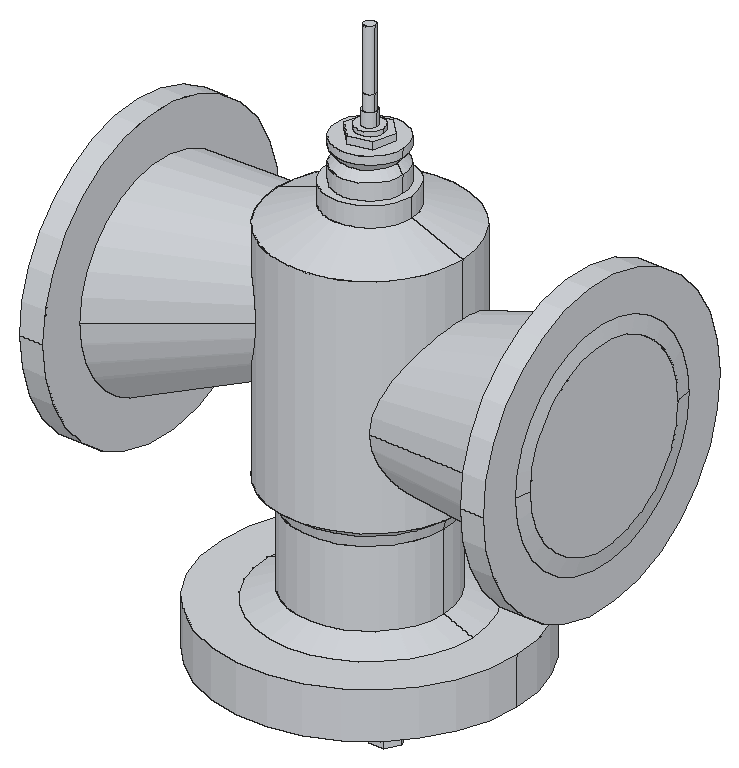
Revit family "2FGB-B_PN16_DN100_RFA_2019", category Pipe Accessories, Revit 2019
Family settings
  Round Connector Dimension = Use Diameter
  Part Type = Valve - Breaks Into
  Work Plane-Based = No
  Always vertical = Yes
  Cut with Voids When Loaded = No
  Shared = No
Parameters (values of type "2FGB-B PN16 DN100")
  magiProductId = ""
  magiProductFamilyId = ""
  magiPartTypeId = 306
  isMeasuringValve [instance] = no
  ang2D [instance] = 0.00°
  Z9 = 4.165 mm
  Z8 = 5.602 mm
  Z7 = 3 mm
  Z6 = 5.95 mm
  Z5 = 5.95 mm
  Z4 = 11.9 mm
  Z3 = 168.575 mm
  Z19 = 9.767 mm
  Z15 = 40.775 mm
  Z14__ve = -Z14  # -14.562 mm
  Z14 = 14.562 mm
  Z13 = 8.12 mm
  Z12 = 56.84 mm
  Z10 = 5.082 mm
  X4 = 34.6 mm
  X2__ve = -X2  # -17.3 mm
  X2 = 17.3 mm
  X1 = 2 mm
  W2D = 100 mm
  VersionID = ""
  Use Minimum Symbol Size [instance] = yes
  URL = "www.hydronix.cz"
  Type Comments = "Přírubový; EQM charakteristika; PN16; -10~+150°C; tlakově vyvážená kuželka"
  R9 = 4 mm
  R7 = 10.089 mm
  R6 = 16.816 mm
  R5 = 19.93 mm
  R4 = 24.912 mm
  R3 = 31.14 mm
  R2 = 57.375 mm
  R13 = 55.08 mm
  R12 = 5.297 mm
  R1 = 45.9 mm
  QmdConnectorList = "301;D;302;D"
  Productdata [instance] = "2FGB100B (DN100; PN16; kvs130; tlakově vyvážená kuželka)"
  Manufacturer = "Hydronix"
  Maintenance Zone Under Depth [instance] = 207 mm
  Maintenance Zone Right Depth [instance] = 175 mm
  Maintenance Zone Over Depth [instance] = 221 mm
  Maintenance Zone Left Depth [instance] = 175 mm
  Maintenance Zone Front Depth [instance] = 110 mm
  Maintenance Zone Back Depth [instance] = 110 mm
  Maintenance Zone Front Visibility [instance] = no
  LT2 = 175 mm
  L2D_Min = 3048 mm
  L2D = 350 mm
  HCDT2 = 76.5 mm
  H4 = 207 mm
  H3 = 116.5 mm
  H2 = 45 mm
  FDT2 = 110 mm
  Description = "2 cestný regulační ventil přírubový; DN100; PN16; kvs130; zdvih 45mm"
  D4 = 68.85 mm
  D3 = 81 mm
  D2 = 69.2 mm
  D = 100 mm
  CenSd_R6_6 = R6 * cos(30.00°)  # 14.563 mm
  CenSd_A_6 = A * cos(30.00°)  # 9.526 mm
  Clearance Zone Height Depth [instance] = 221 mm
  CZONC [instance] = 175 mm
  Clearance Zone Visibility [instance] = no
  B1 = 63.64 mm
  A = 11 mm
Types (5, lengths in mm): name | Z9 | Z8 | Z6 | Z5 | Z4 | Z3 | Z19 | Z15 | Z14__ve | Z14 | Z13 | Z12 | Z10 | X4 | X2__ve | X2 | W2D | R7 | R6 | R5 | R4 | R3 | R2 | R13 | R12 | R1 | Productdata | LT2 | L2D | HCDT2 | H4 | H3 | H2 | FDT2 | Description | D4 | D3 | D2 | D | CenSd_R6_6 | CenSd_A_6 | B1 | A
  2FGB-B PN16 DN100 | 4.165 | 5.602 | 5.95 | 5.95 | 11.9 | 168.575 | 9.767 | 40.775 | -14.562 | 14.562 | 8.12 | 56.84 | 5.082 | 34.6 | -17.3 | 17.3 | 100 | 10.089 | 16.816 | 19.93 | 24.912 | 31.14 | 57.375 | 55.08 | 5.297 | 45.9 | "2FGB100B (DN100; PN16; kvs130; tlakově vyvážená kuželka)" | 175 | 350 | 76.5 | 207 | 116.5 | 45 | 110 | "2 cestný regulační ventil přírubový; DN100; PN16; kvs130; zdvih 45mm" | 68.85 | 81 | 69.2 | 100 | 14.563 | 9.526 | 63.64 | 11
  2FGB-B PN16 DN080 | 4.2 | 5.7 | 6 | 6 | 12 | 151.95 | 9.9 | 36.75 | -13.125 | 13.125 | 7.32 | 51.24 | 5.1 | 30.6 | -15.3 | 15.3 | 80 | 8.923 | 14.872 | 17.626 | 22.032 | 27.54 | 49.875 | 47.88 | 4.685 | 39.9 | "2FGB80B (DN80; PN16; kvs100; tlakově vyvážená kuželka)" | 155 | 310 | 66.5 | 187 | 105 | 45 | 100 | "2 cestný regulační ventil přírubový; DN80; PN16; kvs100; zdvih 45mm" | 60.35 | 71 | 61.2 | 80 | 12.879 | 8.66 | 56.569 | 10
  2FGB-B PN16 DN065 | 4.2 | 5.7 | 6 | 6 | 12 | 139.45 | 9.9 | 33.25 | -11.875 | 11.875 | 6.82 | 47.74 | 5.1 | 28.6 | -14.3 | 14.3 | 65 | 8.34 | 13.9 | 16.474 | 20.592 | 25.74 | 44.25 | 42.48 | 4.378 | 35.4 | "2FGB65B (DN65; PN16; kvs63; tlakově vyvážená kuželka)" | 145 | 290 | 59 | 175 | 95 | 25 | 92.5 | "2 cestný regulační ventil přírubový; DN65; PN16; kvs63; zdvih 25mm" | 53.975 | 63.5 | 57.2 | 65 | 12.037 | 8.011 | 51.265 | 9.25
  2FGB-B PN16 DN150 | 4.2 | 5.7 | 6 | 6 | 12 | 227.45 | 9.9 | 54.95 | -19.625 | 19.625 | 10.97 | 76.79 | 5.1 | 47.6 | -23.8 | 23.8 | 150 | 13.88 | 23.134 | 27.418 | 34.272 | 42.84 | 77.625 | 74.52 | 7.287 | 62.1 | "2FGB150B (DN150; PN16; kvs300; tlakově vyvážená kuželka)" | 240 | 480 | 103.5 | 277 | 157 | 45 | 142.5 | "2 cestný regulační ventil přírubový; DN150; PN16; kvs300; zdvih 45mm" | 92.65 | 109 | 95.2 | 150 | 20.034 | 12.341 | 84.853 | 14.25
  2FGB-B PN16 DN125 | 4.2 | 5.7 | 6 | 6 | 12 | 196.45 | 9.9 | 48.65 | -17.375 | 17.375 | 9.22 | 64.54 | 5.1 | 39.6 | -19.8 | 19.8 | 125 | 11.547 | 19.246 | 22.81 | 28.512 | 35.64 | 68.625 | 65.88 | 6.062 | 54.9 | "2FGB125B (DN125; PN16; kvs200; tlakově vyvážená kuželka)" | 200 | 400 | 91.5 | 234 | 139 | 45 | 125 | "2 cestný regulační ventil přírubový; DN125; PN16; kvs200; zdvih 45mm" | 81.6 | 96 | 79.2 | 125 | 16.667 | 10.825 | 74.246 | 12.5
Reference planes
  plane 1 "Center (Front/Back)": y = 0
  plane 2 "XYPLANE": z = 0
  plane 3 "Center (Left/Right)": x = 0
  plane 4 "234": y = -63.64
  plane 5 "233": x = 63.64
  plane 6 "232": x = -63.64
  plane 7 "231": y = 63.64
  plane 8 "225": z = -197
  plane 9 "223": z = 221
  plane 10 "221": x = -175
  plane 11 "220": x = 175
  plane 12 "219": y = -110
  plane 13 "218": y = 110
  plane 14 "196": z = -207
  plane 15 "182": z = 176
  plane 16 "161": z = 164.1
  plane 17 "158": z = 158.498
  plane 18 "150": z = 154.333
  plane 19 "148": z = 151.333
  plane 20 "142": z = 146.25
  plane 21 "136": z = 140.3
  plane 22 "135": z = 134.35
  plane 23 "131": z = 128.4
  plane 24 "78": z = 87.375
  plane 25 "77": z = 101.937
  plane 26 "74": z = 116.5
  plane 27 "70": z = -81.2
  plane 28 "65": z = -89.32
  plane 29 "64": z = -97.44
  plane 30 "58": z = -154.28
  plane 31 "57": z = -162.4
  plane 32 "46": z = -207
  plane 33 "28": x = 155.7
  plane 34 "27": x = 173
  plane 35 "21": z = -20
  plane 36 "16": z = 40.775
  plane 37 "13": x = -155.7
  plane 38 "7": x = -173
  plane 39 "6": x = 175
  plane 40 "5": x = -175
  plane 41 "3": y = 0
  plane 42 "2": z = 0
  plane 43 "1": x = 0
Forms (mm)
  Extrusion 1, solid
    sketch origin (-750, 0, -207) x (1, 0, 0) y (0, 1, 0)
      loop
        line (824.64, -63.64) -> (819.14, -54.113) -> (808.14, -54.113) -> (802.64, -63.64) -> (808.14, -73.166) -> (819.14, -73.166) -> (824.64, -63.64)
    from 0 to 10
  Extrusion 2, solid
    sketch origin (-750, 0, -207) x (1, 0, 0) y (0, 1, 0)
      loop
        line (697.36, -63.64) -> (691.86, -54.113) -> (680.86, -54.113) -> (675.36, -63.64) -> (680.86, -73.166) -> (691.86, -73.166) -> (697.36, -63.64)
    from 0 to 10
  Extrusion 3, solid
    sketch origin (-750, 0, -207) x (1, 0, 0) y (0, 1, 0)
      loop
        line (824.64, 63.64) -> (819.14, 73.166) -> (808.14, 73.166) -> (802.64, 63.64) -> (808.14, 54.113) -> (819.14, 54.113) -> (824.64, 63.64)
    from 0 to 10
  Extrusion 4, solid
    sketch origin (-750, 0, -207) x (1, 0, 0) y (0, 1, 0)
      loop
        line (697.36, 63.64) -> (691.86, 73.166) -> (680.86, 73.166) -> (675.36, 63.64) -> (680.86, 54.113) -> (691.86, 54.113) -> (697.36, 63.64)
    from 0 to 10
  Blend 5, solid, visible <- "Maintenance Zone Front Visibility"
    base sketch origin (-750, 0, 221) x (1, 0, 0) y (0, 1, 0)
      loop
        line (575, 110) -> (575, -110) -> (925, -110) -> (925, 110) -> (575, 110)
    top sketch origin (-750, 0, 221) x (1, 0, 0) y (0, 1, 0)
      loop
        line (575, 110) -> (575, -110) -> (925, -110) -> (925, 110) -> (575, 110)
    from 0 to -428
  Extrusion 6, solid, visible <- "Clearance Zone Visibility"
    sketch origin (-750, 0, 0) x (1, 0, 0) y (0, 1, 0)
      loop
        circle (750, 0) r 175
    from 0 to 221 <- "Clearance Zone Height Depth"
  Extrusion 7, solid
    sketch origin (-750, 0, 154.333) x (1, 0, 0) y (0, 1, 0)
      loop
        circle (750, 0) r 5.297
    from 0 to 9.767 <- "Z19"
  Extrusion 8, solid
    sketch origin (-750, 0, 176) x (1, 0, 0) y (0, 1, 0)
      loop
        circle (750, 0) r 4
    from 0 to 45 <- "H2"
  Extrusion 9, solid
    sketch origin (-750, 0, 164.1) x (1, 0, 0) y (0, 1, 0)
      loop
        circle (750, 0) r 4
    from 0 to 11.9 <- "Z4"
  Extrusion 10, solid
    sketch origin (-750, 0, 151.333) x (1, 0, 0) y (0, 1, 0)
      loop
        circle (750, 0) r 10.089
    from 0 to 3 <- "Z7"
  Extrusion 11, solid
    sketch origin (-750, 0, 146.25) x (1, 0, 0) y (0, 1, 0)
      loop
        line (761.89, -11.89) -> (766.243, 4.352) -> (754.352, 16.243) -> (738.11, 11.89) -> (733.757, -4.352) -> (745.648, -16.243) -> (761.89, -11.89)
    from 0 to 5.082 <- "Z10"
  Extrusion 12, solid
    sketch origin (-750, 0, 140.3) x (1, 0, 0) y (0, 1, 0)
      loop
        circle (750, 0) r 24.912
    from 0 to 5.95 <- "Z6"
  Blend 13, solid
    base sketch origin (-750, 0, 134.35) x (1, 0, 0) y (0, 1, 0)
      loop
        circle (750, 0) r 19.93
    top sketch origin (-750, 0, 134.35) x (1, 0, 0) y (0, 1, 0)
      loop
        circle (750, 0) r 24.912
    from 0 to 5.95
  Blend 14, solid
    base sketch origin (-750, 0, 128.4) x (1, 0, 0) y (0, 1, 0)
      loop
        circle (750, 0) r 24.912
    top sketch origin (-750, 0, 128.4) x (1, 0, 0) y (0, 1, 0)
      loop
        circle (750, 0) r 19.93
    from 0 to 5.95
  Extrusion 15, solid
    sketch origin (-750, 0, 116.5) x (1, 0, 0) y (0, 1, 0)
      loop
        circle (750, 0) r 24.912
    from 0 to 11.9 <- "Z4"
  Extrusion 16, solid
    sketch origin (-750, 0, 116.5) x (1, 0, 0) y (0, 1, 0)
      loop
        circle (750, 0) r 31.14
    from 0 to -14.562 <- "Z14__ve"
  Blend 17, solid
    base sketch origin (-750, 0, 87.375) x (1, 0, 0) y (0, 1, 0)
      loop
        circle (750, 0) r 69.2
    top sketch origin (-750, 0, 87.375) x (1, 0, 0) y (0, 1, 0)
      loop
        circle (750, 0) r 31.14
    from 0 to 14.563
  Blend 18, solid
    base sketch origin (-750, 0, -89.32) x (1, 0, 0) y (0, 1, 0)
      loop
        circle (750, 0) r 57.375
    top sketch origin (-750, 0, -89.32) x (1, 0, 0) y (0, 1, 0)
      loop
        circle (750, 0) r 69.2
    from 0 to 8.12
  Blend 19, solid
    base sketch origin (-750, 0, -97.44) x (1, 0, 0) y (0, 1, 0)
      loop
        circle (750, 0) r 55.08
    top sketch origin (-750, 0, -97.44) x (1, 0, 0) y (0, 1, 0)
      loop
        circle (750, 0) r 57.375
    from 0 to 8.12
  Extrusion 20, solid
    sketch origin (-750, 0, -154.28) x (1, 0, 0) y (0, 1, 0)
      loop
        circle (750, 0) r 55.08
    from 0 to 56.84 <- "Z12"
  Blend 21, solid
    base sketch origin (-750, 0, -162.4) x (1, 0, 0) y (0, 1, 0)
      loop
        circle (750, 0) r 76.5
    top sketch origin (-750, 0, -162.4) x (1, 0, 0) y (0, 1, 0)
      loop
        circle (750, 0) r 55.08
    from 0 to 8.12
  Extrusion 22, solid
    sketch origin (-750, 0, -197) x (1, 0, 0) y (0, 1, 0)
      loop
        circle (750, 0) r 110
    from 0 to 34.6 <- "X4"
  Blend 23, solid
    base sketch origin (173, -750, 0) x (0, 1, 0) y (0, 0, 1)
      loop
        circle (750, 0) r 81
    top sketch origin (173, -750, 0) x (0, 1, 0) y (0, 0, 1)
      loop
        circle (750, 0) r 68.85
    from 0 to 2
  Blend 24, solid
    base sketch origin (-175, -750, 0) x (0, 1, 0) y (0, 0, 1)
      loop
        circle (750, 0) r 68.85
    top sketch origin (-175, -750, 0) x (0, 1, 0) y (0, 0, 1)
      loop
        circle (750, 0) r 81
    from 0 to 2
  Extrusion 25, solid
    sketch origin (173, -750, 0) x (0, 1, 0) y (0, 0, 1)
      loop
        circle (750, 0) r 110
    from 0 to -17.3 <- "X2__ve"
  Blend 26, solid
    base sketch origin (0, -750, 0) x (0, 1, 0) y (0, 0, 1)
      loop
        circle (750, -20) r 45.9
    top sketch origin (0, -750, 0) x (0, 1, 0) y (0, 0, 1)
      loop
        circle (750, 0) r 76.5
    from 0 to 155.7
  Extrusion 27, solid
    sketch origin (-750, 0, -81.2) x (1, 0, 0) y (0, 1, 0)
      loop
        circle (750, 0) r 69.2
    from 0 to 168.575 <- "Z3"
  Blend 28, solid
    base sketch origin (-155.7, -750, 0) x (0, 1, 0) y (0, 0, 1)
      loop
        circle (750, 0) r 76.5
    top sketch origin (-155.7, -750, 0) x (0, 1, 0) y (0, 0, 1)
      loop
        circle (750, 40.775) r 45.9
    from 0 to 155.7
  Extrusion 29, solid
    sketch origin (-173, -750, 0) x (0, 1, 0) y (0, 0, 1)
      loop
        circle (750, 0) r 110
    from 0 to 17.3 <- "X2"
  Extrusion 30, solid, not visible
    sketch origin (175, -750, 0) x (0, 1, 0) y (0, 0, 1)
      loop
        circle (750, 0) r 10
    from 0 to -10
  Extrusion 31, solid, not visible
    sketch origin (-175, -750, 0) x (0, 1, 0) y (0, 0, 1)
      loop
        circle (750, 0) r 10
    from 0 to 10
Lines and regions (mm)
  reference lines, not visible
    curve 1: circle (2, 2, 0) r 1 normal (0, 0, 1)
  reference lines
    curve 2: line (63.64, -63.64, -207) -> (60.89, -58.876, -207)
    curve 3: line (63.64, -63.64, -207) -> (58.14, -63.64, -207)
    curve 4: line (63.64, -63.64, -207) -> (60.89, -68.403, -207)
    curve 5: line (-63.64, -63.64, -207) -> (-66.39, -58.876, -207)
    curve 6: line (-63.64, -63.64, -207) -> (-69.14, -63.64, -207)
    curve 7: line (-63.64, -63.64, -207) -> (-66.39, -68.403, -207)
    curve 8: line (63.64, 63.64, -207) -> (60.89, 68.403, -207)
    curve 9: line (63.64, 63.64, -207) -> (58.14, 63.64, -207)
    curve 10: line (63.64, 63.64, -207) -> (60.89, 58.876, -207)
    curve 11: line (-63.64, 63.64, -207) -> (-66.39, 68.403, -207)
    curve 12: line (-63.64, 63.64, -207) -> (-69.14, 63.64, -207)
    curve 13: line (-63.64, 63.64, -207) -> (-66.39, 58.876, -207)
    curve 14: line (0, 0, 146.25) -> (2.176, 8.121, 146.25)
    curve 15: line (0, 0, 146.25) -> (-5.945, 5.945, 146.25)
    curve 16: line (0, 0, 146.25) -> (-8.121, -2.176, 146.25)
Dimensions and locks
  plane 1 "Center (Front/Back)" to curve 1 = 2 mm
  "B1": plane 1 "Center (Front/Back)" to plane 4 "234"
  "B1": plane 3 "Center (Left/Right)" to plane 5 "233"
  "B1": plane 3 "Center (Left/Right)" to plane 6 "232"
  "B1": plane 1 "Center (Front/Back)" to plane 7 "231"
  locked: plane 32 "46" to plane 8 "225" at 10
  "Maintenance Zone Over Depth": plane 2 "XYPLANE" to plane 9 "223"
  "Maintenance Zone Left Depth": plane 3 "Center (Left/Right)" to plane 10 "221"
  "Maintenance Zone Right Depth": plane 3 "Center (Left/Right)" to plane 11 "220"
  "Maintenance Zone Front Depth": plane 1 "Center (Front/Back)" to plane 12 "219"
  "Maintenance Zone Back Depth": plane 1 "Center (Front/Back)" to plane 13 "218"
  "Maintenance Zone Under Depth": plane 2 "XYPLANE" to plane 14 "196"
  "Z4": plane 16 "161" to plane 15 "182"
  "Z8": plane 17 "158" to plane 16 "161"
  "Z9": plane 18 "150" to plane 17 "158"
  "Z7": plane 19 "148" to plane 18 "150"
  "Z10": plane 20 "142" to plane 19 "148"
  "Z6": plane 21 "136" to plane 20 "142"
  "Z5": plane 22 "135" to plane 21 "136"
  "Z5": plane 23 "131" to plane 22 "135"
  "Z4": plane 26 "74" to plane 23 "131"
  "Z14": plane 25 "77" to plane 24 "78"
  "Z14": plane 26 "74" to plane 25 "77"
  "H3": plane 2 "XYPLANE" to plane 26 "74"
  "Z13": plane 28 "65" to plane 27 "70"
  "Z13": plane 29 "64" to plane 28 "65"
  "Z12": plane 30 "58" to plane 29 "64"
  "Z13": plane 31 "57" to plane 30 "58"
  "X4": plane 8 "225" to plane 31 "57"
  "H4": plane 2 "XYPLANE" to plane 32 "46"
  "X2": plane 34 "27" to plane 33 "28"
  "X1": plane 39 "6" to plane 34 "27"
  locked: plane 42 "2" to plane 35 "21" at 20
  "Z15": plane 42 "2" to plane 36 "16"
  "X2": plane 38 "7" to plane 37 "13"
  "X1": plane 40 "5" to plane 38 "7"
  "LT2": plane 3 "Center (Left/Right)" to plane 39 "6"
  "LT2": plane 3 "Center (Left/Right)" to plane 40 "5"
  locked: plane 1 "Center (Front/Back)" to plane 41 "3"
  locked: plane 2 "XYPLANE" to plane 42 "2"
  locked: plane 3 "Center (Left/Right)" to plane 43 "1"
  "CenSd_A_6": curve 2 to Extrusion 1 sketch curve  (x2)
  "CenSd_A_6": curve 3 to Extrusion 1 sketch curve  (x2)
  "CenSd_A_6": curve 4 to Extrusion 1 sketch curve  (x2)
  "CenSd_A_6": curve 5 to Extrusion 2 sketch curve  (x2)
  "CenSd_A_6": curve 6 to Extrusion 2 sketch curve  (x2)
  "CenSd_A_6": curve 7 to Extrusion 2 sketch curve  (x2)
  "CenSd_A_6": curve 8 to Extrusion 3 sketch curve  (x2)
  "CenSd_A_6": curve 9 to Extrusion 3 sketch curve  (x2)
  "CenSd_A_6": curve 10 to Extrusion 3 sketch curve  (x2)
  "CenSd_A_6": curve 11 to Extrusion 4 sketch curve  (x2)
  "CenSd_A_6": curve 12 to Extrusion 4 sketch curve  (x2)
  "CenSd_A_6": curve 13 to Extrusion 4 sketch curve  (x2)
  "CenSd_R6_6": curve 14 to Extrusion 11 sketch curve  (x2)
  "CenSd_R6_6": curve 15 to Extrusion 11 sketch curve  (x2)
  "CenSd_R6_6": curve 16 to Extrusion 11 sketch curve  (x2)
  "CZONC": radius of Extrusion 6 sketch curve
  "R12": radius of Extrusion 7 sketch curve
  "R9": radius of Extrusion 8 sketch curve
  "R9": radius of Extrusion 9 sketch curve
  "R7": radius of Extrusion 10 sketch curve
  "R4": radius of Extrusion 12 sketch curve
  "R4": radius of Blend 13 sketch curve
  "R5": radius of Blend 13 sketch curve
  "R5": radius of Blend 14 sketch curve
  "R4": radius of Blend 14 sketch curve
  "R4": radius of Extrusion 15 sketch curve
  "R3": radius of Extrusion 16 sketch curve
  "R3": radius of Blend 17 sketch curve
  "D2": radius of Blend 17 sketch curve
  "D2": radius of Blend 18 sketch curve
  "R2": radius of Blend 18 sketch curve
  "R2": radius of Blend 19 sketch curve
  "R13": radius of Blend 19 sketch curve
  "R13": radius of Extrusion 20 sketch curve
  "R13": radius of Blend 21 sketch curve
  "HCDT2": radius of Blend 21 sketch curve
  "FDT2": radius of Extrusion 22 sketch curve
  "D4": radius of Blend 23 sketch curve
  "D3": radius of Blend 23 sketch curve
  "D3": radius of Blend 24 sketch curve
  "D4": radius of Blend 24 sketch curve
  "FDT2": radius of Extrusion 25 sketch curve
  "HCDT2": radius of Blend 26 sketch curve
  "R1": radius of Blend 26 sketch curve
  "D2": radius of Extrusion 27 sketch curve
  "R1": radius of Blend 28 sketch curve
  "HCDT2": radius of Blend 28 sketch curve
  "FDT2": radius of Extrusion 29 sketch curve
  locked: curve 3 to curve 2 (angle 60.00°)
  locked: curve 4 to curve 3 (angle 60.00°)
  locked: curve 4 to curve 2 (angle 120.00°)
  locked: curve 6 to curve 5 (angle 60.00°)
  locked: curve 7 to curve 6 (angle 60.00°)
  locked: curve 7 to curve 5 (angle 120.00°)
  locked: curve 9 to curve 8 (angle 60.00°)
  locked: curve 10 to curve 9 (angle 60.00°)
  locked: curve 10 to curve 8 (angle 120.00°)
  locked: curve 12 to curve 11 (angle 60.00°)
  locked: curve 13 to curve 12 (angle 60.00°)
  locked: curve 13 to curve 11 (angle 120.00°)
  locked: curve 15 to curve 14 (angle 60.00°)
  locked: curve 16 to curve 15 (angle 60.00°)
  locked: curve 16 to curve 14 (angle 120.00°)
  aligned and locked: level to plane 2 "XYPLANE"
  aligned and locked: plane 4 "234" to curve 2
  aligned and locked: plane 5 "233" to curve 2
  aligned and locked: plane 4 "234" to curve 5
  aligned and locked: plane 6 "232" to curve 5
  aligned and locked: plane 5 "233" to curve 8
  aligned and locked: plane 7 "231" to curve 8
  aligned and locked: plane 6 "232" to curve 11
  aligned and locked: plane 7 "231" to curve 11
  aligned and locked: plane 13 "218" to Blend 5 sketch curve  (x4)
  aligned and locked: plane 12 "219" to Blend 5 sketch curve  (x4)
  aligned and locked: plane 10 "221" to Blend 5 sketch curve  (x4)
  aligned and locked: plane 11 "220" to Blend 5 sketch curve  (x4)
  aligned and locked: Blend 5 to plane 14 "196"
  aligned and locked: plane 41 "3" to Extrusion 6 sketch curve
  aligned and locked: plane 43 "1" to Extrusion 6 sketch curve
  aligned and locked: plane 41 "3" to Extrusion 7 sketch curve
  aligned and locked: plane 43 "1" to Extrusion 7 sketch curve
  aligned and locked: plane 41 "3" to Extrusion 8 sketch curve
  aligned and locked: plane 43 "1" to Extrusion 8 sketch curve
  aligned and locked: plane 41 "3" to Extrusion 9 sketch curve
  aligned and locked: plane 43 "1" to Extrusion 9 sketch curve
  aligned and locked: plane 41 "3" to Extrusion 10 sketch curve
  aligned and locked: plane 43 "1" to Extrusion 10 sketch curve
  aligned and locked: plane 41 "3" to curve 14
  aligned and locked: plane 43 "1" to curve 14
  aligned and locked: plane 41 "3" to Extrusion 12 sketch curve
  aligned and locked: plane 43 "1" to Extrusion 12 sketch curve
  aligned and locked: plane 41 "3" to Blend 13 sketch curve  (x2)
  aligned and locked: plane 43 "1" to Blend 13 sketch curve  (x2)
  aligned and locked: plane 21 "136" to Blend 13
  aligned and locked: plane 41 "3" to Blend 14 sketch curve  (x2)
  aligned and locked: plane 43 "1" to Blend 14 sketch curve  (x2)
  aligned and locked: plane 22 "135" to Blend 14
  aligned and locked: plane 41 "3" to Extrusion 15 sketch curve
  aligned and locked: plane 43 "1" to Extrusion 15 sketch curve
  aligned and locked: plane 41 "3" to Extrusion 16 sketch curve
  aligned and locked: plane 43 "1" to Extrusion 16 sketch curve
  aligned and locked: plane 41 "3" to Blend 17 sketch curve  (x2)
  aligned and locked: plane 43 "1" to Blend 17 sketch curve  (x2)
  aligned and locked: plane 25 "77" to Blend 17
  aligned and locked: plane 41 "3" to Blend 18 sketch curve  (x2)
  aligned and locked: plane 43 "1" to Blend 18 sketch curve  (x2)
  aligned and locked: plane 27 "70" to Blend 18
  aligned and locked: plane 41 "3" to Blend 19 sketch curve  (x2)
  aligned and locked: plane 43 "1" to Blend 19 sketch curve  (x2)
  aligned and locked: plane 28 "65" to Blend 19
  aligned and locked: plane 41 "3" to Extrusion 20 sketch curve
  aligned and locked: plane 43 "1" to Extrusion 20 sketch curve
  aligned and locked: plane 41 "3" to Blend 21 sketch curve  (x2)
  aligned and locked: plane 43 "1" to Blend 21 sketch curve  (x2)
  aligned and locked: plane 30 "58" to Blend 21
  aligned and locked: plane 41 "3" to Extrusion 22 sketch curve
  aligned and locked: plane 43 "1" to Extrusion 22 sketch curve
  aligned and locked: Blend 23 sketch curve to plane 41 "3"  (x2)
  aligned and locked: plane 42 "2" to Blend 23 sketch curve  (x2)
  aligned and locked: plane 39 "6" to Blend 23
  aligned and locked: Blend 24 sketch curve to plane 41 "3"  (x2)
  aligned and locked: plane 42 "2" to Blend 24 sketch curve  (x2)
  aligned and locked: plane 38 "7" to Blend 24
  aligned and locked: Extrusion 25 sketch curve to plane 41 "3"
  aligned and locked: plane 42 "2" to Extrusion 25 sketch curve
  aligned and locked: Blend 26 sketch curve to plane 41 "3"  (x2)
  aligned and locked: plane 42 "2" to Blend 26 sketch curve
  aligned and locked: plane 35 "21" to Blend 26 sketch curve
  aligned and locked: plane 33 "28" to Blend 26
  aligned and locked: plane 41 "3" to Extrusion 27 sketch curve
  aligned and locked: plane 43 "1" to Extrusion 27 sketch curve
  aligned and locked: plane 36 "16" to Blend 28 sketch curve
  aligned and locked: plane 41 "3" to Blend 28 sketch curve
  aligned and locked: Blend 28 sketch curve to plane 41 "3"
  aligned and locked: plane 42 "2" to Blend 28 sketch curve
  aligned and locked: plane 43 "1" to Blend 28
  aligned and locked: Extrusion 29 sketch curve to plane 41 "3"
  aligned and locked: plane 42 "2" to Extrusion 29 sketch curve
  aligned and locked: Extrusion 30 sketch curve to plane 41 "3"
  aligned and locked: plane 42 "2" to Extrusion 30 sketch curve
  aligned and locked: Extrusion 31 sketch curve to plane 41 "3"
  aligned and locked: plane 42 "2" to Extrusion 31 sketch curve
Automatic sketch dimensions
  plane 1 "Center (Front/Back)" to curve 16 = 2.176 mm
  plane 1 "Center (Front/Back)" to Extrusion 30 sketch curve = 10 mm
  plane 1 "Center (Front/Back)" to Extrusion 31 sketch curve = 10 mm
  plane 3 "Center (Left/Right)" to curve 1 = 2 mm
  radius of curve 1 = 1 mm
Connectors
  piping at (-175, 0, 0), diameter 100, driven by "D"
    settings: on Extrusion 31, index 1, connector inside diameter 609.6 mm, connector length 0 mm, flow factor 0, pipe flow 0.0 L/s, pressure drop 0.0 Pa, fitting loss kfactor 0, connector angle 0.00°, fixture units 0, engagement length 0 mm, angle of deflection 0.00°, flow configuration 0, flow direction 0, fitting loss method 0, system type 29, joint type 0, gender type 0, connector reference index 2, connector utility 0, adjustable connector no, is connector primary yes, connector description ""
  piping at (175, 0, 0), diameter 100, driven by "D"
    settings: on Extrusion 30, index 2, connector inside diameter 609.6 mm, connector length 0 mm, flow factor 0, pipe flow 0.0 L/s, pressure drop 0.0 Pa, fitting loss kfactor 0, connector angle 0.00°, fixture units 0, engagement length 0 mm, angle of deflection 0.00°, flow configuration 0, flow direction 0, fitting loss method 0, system type 29, joint type 0, gender type 0, connector reference index 1, connector utility 0, adjustable connector no, is connector primary no, connector description ""
